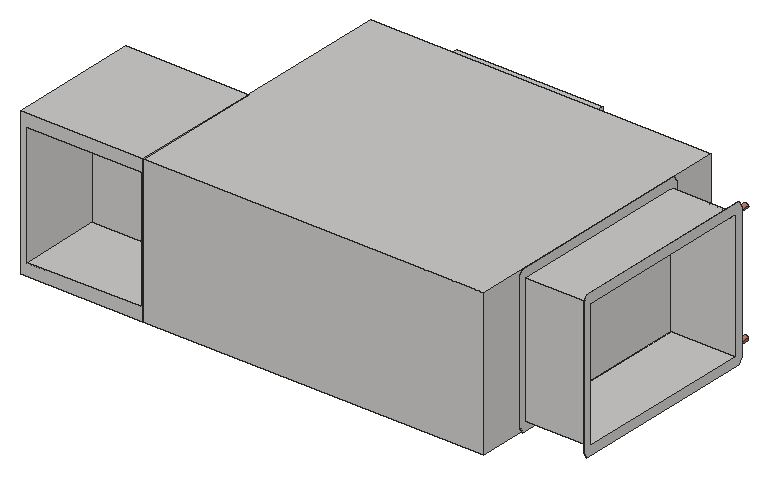
Revit family
Parameters
  Width = 3' - 3"
  Voltage = 120 V
  Unit Weight = if(Number of Rows = 1, "272.0 lbs", if(Number of Rows = 2, "277.0 lbs", "0"))  # "272.0 lbs"
  UltraLoc Liner = Choose Liner Option = 3  # no
  URL = "http://www.titus-hvac.com/"
  UL = "181"
  Supply Air Flow [instance] = 0 CFM
  SteriLoc Liner = Choose Liner Option = 2  # no
  Secondary Material = Copper Connectors
  Primary Air Pressure Drop [instance] = 0.00 in-wg
  Primary Air Flow [instance] = 0 CFM
  Pressure [instance] = 0.00 psi
  Plenum Air Pressure Drop [instance] = 0.00 in-wg
  Plenum Air Flow [instance] = 0 CFM
  Outlet Width = 2' - 1"
  Outlet Height = 1' - 5 1/2"
  Number of Rows = 1
  Number of Poles = 1
  Nominal Width = Width + 0' 6 1/4"  # 3' - 9 1/4"
  Nominal Length = Length + 1' 4 7/8" + 0' 9"  # 6' - 0 5/8"
  Nominal Inlet Size = 1' - 2"
  Nominal Height = 1' - 8"
  NFPA = "90A"
  Motor Full Load Amps [instance] = 8.5 A
  Model = "DTFS-F"
  Min. Air Flow = 0 CFM
  Max. Air Flow = 3000 CFM
  Material = Galvanized Steel
  Manufacturer = "Titus"
  Length = 3' - 10 3/4"
  Juction Box Offset = 0' - 6 7/8"
  Inlet Diameter = Nominal Inlet Size - 0' 0 1/8"  # 1' - 1 7/8"
  Induced Air Inlet Width = 1' - 4 7/8"
  Induced Air Inlet Offset = (Nominal Height - Induced Air Inlet Connection Height) / 2  # 0' - 1 11/16"
  Induced Air Inlet Height = 1' - 6 1/8"
  Induced Air Inlet Connection Width = 1' - 3 3/4"
  Induced Air Inlet Connection Height = 1' - 4 5/8"
  Induced Air Filter = no
  Heating Total Capacity [instance] = 0 Btu/h
  Heating Entering Water Temp = 0 °F
  Half Outlet Width = 1' - 0 1/2"
  Half Outlet Connection Width = Outlet Width / 2  # 1' - 0 1/2"
  Half Outlet Connection Height = Outlet Height / 2  # 0' - 8 3/4"
  Half Height Start = -(Nominal Height / 2)  # -0' - 10"
  Half Height End = Nominal Height / 2  # 0' - 10"
  HWC Option = HWC Section : D-E - 1 Row
  HWC Connector Radius = 5/16"
  HWC Connector Length = 0' - 3"
  HP-Motor = "1/3"
  Gallons Per Minute [instance] = 0 GPM
  Frequency = 60 Hz
  Flange Offset = 0' - 1 1/4"
  Filter Size = "18\"x17\""
  Fiber Free Liner = Choose Liner Option = 1  # no
  Fan Disconnect Switch = no
  Duct Radius = Nominal Inlet Size / 2  # 0' - 7"
  Description = "Ultra Quiet Series Fan Powered Terminal Unit, Direct Digital Control, Pressure Independent"
  Connector Vertical Offset = if(Number of Rows = 1, 1' 4 1/4", if(Number of Rows = 2, 1' 4 3/4", 0' 0"))  # 1' - 4 1/4"
  Connector Horizontal Offset = if(Number of Rows = 1, 0' 0", if(Number of Rows = 2, 0' 1", 0' 0"))  # 0' - 0"
  Connection Void Radius = Connection Radius - 0' 0 1/4"  # 0' - 6 11/16"
  Connection Radius = Inlet Diameter / 2  # 0' - 6 15/16"
  Choose Liner Option = 0
  CADworks URL = "www.CADworks.net"
  Assembly Code = "D3040100"
  Apparent Power [instance] = Voltage * Motor Full Load Amps  # 1020 VA
  Air Inlet Offset = 0' - 10"
  1/2" Fiberglass Liner = Choose Liner Option = 0  # yes
  1" Fiberglass Liner = Choose Liner Option = 4  # no
Reference planes (in)
  plane 1 "Center (Front/Back)": y = 0
  plane 2: z = 0
  plane 3 "Center (Left/Right)": x = 3
  plane 4: x = -20.375
  plane 5: x = 26.375
  plane 6: x = -13.5
  plane 7: x = -23.75
  plane 8 "Center (Elevation)": z = 0
  plane 9: y = -19.5
  plane 10: y = 19.5
  plane 11: y = 9.5
  plane 12: y = -8.25
  plane 13: z = 0.6875
  plane 14: z = -6.875
  plane 15: x = 35.375
  plane 16: x = 34.375
  plane 17: x = 34.375
  plane 18: y = 15.5
  plane 19: z = -8.125
  plane 20: z = 8.125
  plane 21: y = -12.5
  plane 22: y = 12.5
  plane 23: z = 10
  plane 24: z = -10
  plane 25: y = 25.75
  plane 26: x = -37.25
Forms (in)
  Extrusion 1, solid, material "Galvanized Steel" <- "Material"
    sketch origin (0, 0, 0) x (1, 0, 0) y (0, 1, 0)
      loop
        line (-20.375, 19.5) -> (-20.375, -19.5) -> (26.375, -19.5) -> (26.375, 19.5) -> (-20.375, 19.5)
    from -10 <- "Half Height Start" to 10 <- "Half Height End"
  Extrusion 2, solid, material "Galvanized Steel" <- "Material"
    sketch origin (0, 0, 0) x (1, 0, 0) y (0, 1, 0)
      loop
        line (-37.25, -1.375) -> (-37.25, -19.5) -> (-20.375, -19.5) -> (-20.375, -1.375) -> (-37.25, -1.375)
    from -10 <- "Half Height Start" to 10 <- "Half Height End"
  Extrusion 3, void, detail levels fine
    sketch origin (0, -19.5, 0) x (1, 0, 0) y (0, 0, -1)
      loop
        line (-20.625, 8.3125) -> (-36.375, 8.3125) -> (-36.375, -8.3125) -> (-20.625, -8.3125) -> (-20.625, 8.3125)
    from 0 to 11.25
  Extrusion 4, solid, material "Galvanized Steel" <- "Material"
    sketch origin (3.125, 0, 0) x (1, 0, 0) y (0, 1, 0)
      loop
        line (-16.625, 19.5) -> (3.375, 19.5) -> (3.375, 25.75) -> (-16.625, 25.75) -> (-16.625, 19.5)
    from -6 to 6
  Extrusion 5, solid, material "Galvanized Steel" <- "Material"
    sketch origin (-24.875, -3, 0) x (0, 0, -1) y (0, 1, 0)
      loop
        circle (0, 12.5) r 6.9375
    from 1.125 to 4.5
  Extrusion 6, void, detail levels fine
    sketch origin (-24.875, 0, 0) x (0, 1, 0) y (0, 0, 1)
      loop
        circle (9.5, 0) r 6.6875
    from 1.125 to 11.375
  Extrusion 7, void, detail levels fine
    sketch origin (35.375, -12.5, 8.75) x (0, 0, 1) y (0, -1, 0)
      loop
        line (-17.5, 0) -> (-17.5, -25) -> (0, -25) -> (0, 0) -> (-17.5, 0)
    from -0.0625 to 0
  Extrusion 8, solid, material "Copper Connectors" <- "Secondary Material", detail levels fine
    sketch origin (0, 0, 0) x (1, 0, 0) y (0, 0, 1)
      loop
        circle (34.375, 8.125) r 0.3125
    from -15.5 to -12.5625
  Extrusion 9, solid, material "Copper Connectors" <- "Secondary Material", detail levels fine
    sketch origin (0, 0, 0) x (1, 0, 0) y (0, 0, 1)
      loop
        circle (34.375, -8.125) r 0.3125
    from -15.5 to -12.5625
Cuts and joins
  Extrusion 3 cuts Extrusion 2
  Extrusion 6 cuts Extrusion 1
  Extrusion 6 cuts Extrusion 5
Dimensions and locks (in)
  "Length": plane 5 to plane 4
  equal spacing: plane 5, plane 3 "Center (Left/Right)", plane 4
  locked: Extrusion 4 to Extrusion 4 at 20
  "Juction Box Offset": plane 6 to plane 4
  locked: plane 4 to plane 7 at 3.375
  "Width": plane 9 to plane 10
  equal spacing: plane 9, plane 1 "Center (Front/Back)", plane 10
  locked: Extrusion 5 sketch curve to level at 0
  locked: Extrusion 5 sketch curve to plane 11 at 0
  locked: Extrusion 6 sketch curve to level at 0
  locked: Extrusion 6 sketch curve to plane 11 at 0
  locked: Extrusion 4 to Extrusion 4 at 6.25
  locked: Extrusion 4 to Extrusion 4 at 12
  equal spacing: Extrusion 4, plane 8 "Center (Elevation)", Extrusion 4
  locked: plane 12 to plane 9 at 11.25
  "Air Inlet Offset": plane 10 to plane 11
  "Induced Air Inlet Height": cut or joined group of Extrusion 2, Extrusion 3 to cut or joined group of Extrusion 2, Extrusion 3
  locked: cut or joined group of Extrusion 5, Extrusion 6 to cut or joined group of Extrusion 5, Extrusion 6 at 3.375
  locked: plane 12 to plane 12 at 0
  "Induced Air Inlet Connection Height": Extrusion 3 sketch curve to Extrusion 3 sketch curve
  "Induced Air Inlet Offset": Extrusion 3 sketch curve to cut or joined group of Extrusion 2, Extrusion 3
  "Induced Air Inlet Connection Width": Extrusion 3 sketch curve to Extrusion 3 sketch curve
  locked: Extrusion 3 sketch curve to cut or joined group of Extrusion 1, Extrusion 6 at 0.25
  "Connector Vertical Offset": plane 20 to plane 19
  equal spacing: plane 20, plane 8 "Center (Elevation)", plane 19
  locked: plane 15 to plane 5 at 9
  locked: plane 15 to plane 16 at 1
  "Connector Horizontal Offset": plane 16 to plane 17
  locked: Extrusion 8 sketch curve to plane 17 at 0
  locked: Extrusion 8 sketch curve to plane 20 at 0
  locked: Extrusion 9 sketch curve to plane 16 at 0
  locked: Extrusion 9 sketch curve to plane 19 at 0
  "HWC Connector Length": plane 18 to plane 22
  locked: cut or joined group of Extrusion 1, Extrusion 6 to Extrusion 7 at 9
  locked: cut or joined group of Extrusion 2, Extrusion 3 to cut or joined group of Extrusion 2, Extrusion 3 at 16.875
  locked: cut or joined group of Extrusion 2, Extrusion 3 to cut or joined group of Extrusion 2, Extrusion 3 at 20
  equal spacing: cut or joined group of Extrusion 2, Extrusion 3, plane 8 "Center (Elevation)", cut or joined group of Extrusion 2, Extrusion 3
  locked: cut or joined group of Extrusion 1, Extrusion 6 to cut or joined group of Extrusion 1, Extrusion 6 at 20
  equal spacing: cut or joined group of Extrusion 1, Extrusion 6, plane 8 "Center (Elevation)", cut or joined group of Extrusion 1, Extrusion 6
  locked: nested 1 to cut or joined group of Extrusion 1, Extrusion 6 at 1.1875
  locked: cut or joined group of Extrusion 1, Extrusion 6 to nested 1 at 1.1875
  "Connection Radius": radius of Extrusion 5 sketch curve
  "Connection Void Radius": radius of Extrusion 6 sketch curve
  "HWC Connector Radius": radius of Extrusion 8 sketch curve
  "HWC Connector Radius": radius of Extrusion 9 sketch curve
  aligned and locked: plane 10 to Extrusion 4
  aligned and locked: plane 6 to Extrusion 4
  aligned and locked: plane 7 to cut or joined group of Extrusion 5, Extrusion 6
  aligned and locked: plane 18 to Extrusion 8
  aligned and locked: plane 18 to Extrusion 9
  aligned and locked: plane 9 to cut or joined group of Extrusion 2, Extrusion 3  (x3)
  aligned and locked: plane 5 to nested 1
  aligned and locked: plane 15 to nested 1
  aligned and locked: plane 18 to nested 1  (x2)
  aligned and locked: plane 21 to nested 1
  aligned and locked: plane 22 to nested 1
  aligned and locked: plane 5 to cut or joined group of Extrusion 1, Extrusion 6
  aligned and locked: cut or joined group of Extrusion 1, Extrusion 6 to nested 1
  aligned and locked: cut or joined group of Extrusion 1, Extrusion 6 to plane 10
  aligned and locked: Extrusion 4 to cut or joined group of Extrusion 1, Extrusion 6  (x2)
  aligned and locked: cut or joined group of Extrusion 1, Extrusion 6 to plane 4
  aligned and locked: plane 9 to cut or joined group of Extrusion 1, Extrusion 6
  aligned and locked: cut or joined group of Extrusion 5, Extrusion 6 to cut or joined group of Extrusion 1, Extrusion 6
  aligned and locked: nested 1 to cut or joined group of Extrusion 1, Extrusion 6
  aligned and locked: plane 6 to Extrusion 6
  aligned and locked: Extrusion 6 to plane 7
  aligned and locked: Extrusion 3 to plane 12
  aligned and locked: plane 25 to Extrusion 4
  aligned and locked: plane 24 to cut or joined group of Extrusion 2, Extrusion 3
  aligned and locked: plane 23 to cut or joined group of Extrusion 2, Extrusion 3
  aligned and locked: plane 23 to cut or joined group of Extrusion 1, Extrusion 6
  aligned and locked: plane 24 to cut or joined group of Extrusion 1, Extrusion 6
Automatic sketch dimensions
  Extrusion 1 sketch curve to plane 4 = 0' - 0"
  Extrusion 1 sketch curve to plane 5 = 0' - 0"
  Extrusion 1 sketch curve to plane 9 = 0' - 0"
  Extrusion 1 sketch curve to plane 10 = 0' - 0"
  Extrusion 2 sketch curve to plane 4 = 0' - 0"
  Extrusion 2 sketch curve to plane 9 = 0' - 0"
  plane 1 "Center (Front/Back)" to Extrusion 2 sketch curve = 0' - 1 3/8"
  Extrusion 4 sketch curve to plane 6 = 0' - 0"
  Extrusion 4 sketch curve to plane 10 = 0' - 0"
  plane 3 "Center (Left/Right)" to Extrusion 4 sketch curve = 0' - 3 1/2"
  Extrusion 4 sketch curve to plane 10 = 0' - 6 1/4"
  Extrusion 2 sketch curve to plane 7 = 1' - 1 1/2"
  Extrusion 7 sketch curve to nested 1 = 0' - 0"  (x4)
Nested families (in)
  nested 1: "HWC Section" at (30.875, 0, 0) x (0, 1, 0) z (0, 0, 1), type <- "HWC Option", type "D-E - 1 Row"
Connectors (in)
  electrical at (-3.5, 25.75, 0), driven by "Apparent Power", driven by "Voltage", driven by "Number of Poles"
    settings: on Extrusion 4, index 8
  hvac at (-23.75, 9.5, 0), driven by "Duct Radius", driven by "Primary Air Pressure Drop", driven by "Primary Air Flow"
    settings: on cut or joined group of Extrusion 5, Extrusion 6, index 9
  hvac at (-28.5, -19.5, 0), driven by "Induced Air Inlet Connection Height", driven by "Induced Air Inlet Connection Width", driven by "Plenum Air Pressure Drop", driven by "Plenum Air Flow"
    settings: on cut or joined group of Extrusion 2, Extrusion 3, index 11
  hvac at (35.375, 0, 0), driven by "Outlet Height", driven by "Outlet Width", driven by "Supply Air Flow"
    settings: on Extrusion 7, index 12
  piping at (34.375, 15.5, 8.125), driven by "Gallons Per Minute", driven by "Pressure", driven by "HWC Connector Radius"
    settings: on Extrusion 8, index 13
  piping at (34.375, 15.5, -8.125), driven by "Gallons Per Minute", driven by "HWC Connector Radius", driven by "Pressure"
    settings: on Extrusion 9, index 14
Definition of nested family "HWC Section"
  Parameters (values of type "B-C - 1 Row")
    Visibility = yes
    Secondary Material = Copper Connectors
    Number of Rows = 1
    Material = Galvanized Steel
    Half Width = HWC Width / 2  # 0' - 10 1/4"
    Half Length-Start = -(HWC Length / 2)  # -0' - 4 1/2"
    Half Length-End = HWC Length / 2  # 0' - 4 1/2"
    HWC Connection Radius = 5/16"
    Flange Offset = 0' - 1"
    Duct Vertical Offset = HWC Height - 0' 0 1/2"  # 1' - 0"
    Duct Horizontal Offset = HWC Width - 0' 0 1/2"  # 1' - 8"
    Connector Vertical Offset = 0' - 11 3/4"
    HWC Width = 1' - 8 1/2"
    HWC Height = 1' - 0 1/2"
    HWC Length = 0' - 9"  # constant formula
    Gallons Per Minute = 0 GPM
    Connector Length = 0' - 3"
    Connector Horizontal Offset = 0' - 0"
  Types (5): name | Number of Rows | Half Width | Flange Offset | Duct Vertical Offset | Duct Horizontal Offset | Connector Vertical Offset | HWC Width | HWC Height | Connector Horizontal Offset
    (no name) | 1 | 0' - 10 1/4" | 0' - 1" | 1' - 0" | 1' - 8" | 0' - 11 3/4" | 1' - 8 1/2" | 1' - 0 1/2" | 0' - 0"
    B-C - 1 Row | 1 | 0' - 10 1/4" | 0' - 1" | 1' - 0" | 1' - 8" | 0' - 11 3/4" | 1' - 8 1/2" | 1' - 0 1/2" | 0' - 0"
    B-C - 2 Row | 2 | 0' - 10 1/4" | 0' - 1" | 1' - 0" | 1' - 8" | 0' - 11 3/4" | 1' - 8 1/2" | 1' - 0 1/2" | 0' - 1"
    D-E - 1 Row | 1 | 1' - 0 1/2" | 0' - 1 1/4" | 1' - 5" | 2' - 0 1/2" | 1' - 4 1/4" | 2' - 1" | 1' - 5 1/2" | 0' - 0"
    D-E - 2 Row | 2 | 1' - 0 1/2" | 0' - 1 1/4" | 1' - 5" | 2' - 0 1/2" | 1' - 4 3/4" | 2' - 1" | 1' - 5 1/2" | 0' - 1"
  Reference planes (in)
    plane 1 "Center (Front/Back)": y = 0
    plane 2: z = 0
    plane 3 "Center (Left/Right)": x = 0
    plane 4: x = -10.25
    plane 5: x = 10.25
    plane 6: y = 4.5
    plane 7: y = -4.5
    plane 8: z = 6.25
    plane 9: z = -6.25
    plane 10: z = 5.875
    plane 11: z = -5.875
    plane 12: y = 3.5
    plane 13: y = 3.5
    plane 14: x = 13.25
  Forms (in)
    Extrusion 1, solid, material "Galvanized Steel" <- "Material", visible <- "Visibility"
      sketch origin (0, 0, 0) x (1, 0, 0) y (0, 0, 1)
        loop
          line (-10.3125, 6.3125) -> (-10.3125, -6.3125) -> (10.3125, -6.3125) -> (10.3125, 6.3125) -> (-10.3125, 6.3125)
      from -4.375 <- "Half Length-Start" to 4.5 <- "Half Length-End"
    Extrusion 2, void, detail levels fine
      sketch origin (0, 0, 0) x (1, 0, 0) y (0, 0, 1)
        loop
          line (-10.25, -6.25) -> (10.25, -6.25) -> (10.25, 6.25) -> (-10.25, 6.25) -> (-10.25, -6.25)
      from -4.5 <- "Half Length-Start" to 4.5 <- "Half Length-End"
    Extrusion 3, solid, material "Copper Connectors" <- "Secondary Material", visible <- "Visibility"
      sketch origin (6, 2.625, 0) x (0, 1, 0) y (0, 0, 1)
        loop
          circle (0.875, -5.875) r 0.3125
      from 4.3125 to 7.25
    Extrusion 4, solid, material "Galvanized Steel" <- "Material", visible <- "Visibility"
      sketch origin (0, -4.375, 0) x (1, 0, 0) y (0, 0, 1)
        loop
          line (-10.25, 6.25) -> (-10.25, -6.25) -> (10.25, -6.25) -> (10.25, 6.25) -> (-10.25, 6.25)
        loop
          line (-11.25, 6.75) -> (-11.25, -6.75) -> (-10.75, -7.25) -> (10.75, -7.25) -> (11.25, -6.75) -> (11.25, 6.75) -> (10.75, 7.25) -> (-10.75, 7.25) -> (-11.25, 6.75)
      from 0 to 0.125
    Extrusion 5, solid, material "Copper Connectors" <- "Secondary Material", visible <- "Visibility"
      sketch origin (6, -0.5, 0) x (0, 1, 0) y (0, 0, 1)
        loop
          circle (4, 5.875) r 0.3125
      from 4.3125 to 7.25
    Extrusion 6, solid, material "Galvanized Steel" <- "Material", visible <- "Visibility"
      sketch origin (0, 4.375, 0) x (1, 0, 0) y (0, 0, -1)
        loop
          line (-10.25, -6.25) -> (10.25, -6.25) -> (10.25, 6.25) -> (-10.25, 6.25) -> (-10.25, -6.25)
        loop
          line (-11.25, -6.75) -> (-10.75, -7.25) -> (10.75, -7.25) -> (11.25, -6.75) -> (11.25, 6.75) -> (10.75, 7.25) -> (-10.75, 7.25) -> (-11.25, 6.75) -> (-11.25, -6.75)
      from 0 to 0.125
  Cuts and joins
    Extrusion 2 cuts Extrusion 1
    joined: Extrusion 1, Extrusion 4, Extrusion 6
  Dimensions and locks (in)
    "HWC Width": plane 4 to plane 5
    equal spacing: plane 4, plane 3 "Center (Left/Right)", plane 5
    "HWC Height": plane 8 to plane 9
    equal spacing: plane 8, plane 2, plane 9
    equal spacing: plane 10, plane 2, plane 11
    locked: plane 12 to plane 6 at 1
    "Connector Horizontal Offset": plane 13 to plane 12
    locked: plane 7 to Extrusion 4 at 0.125
    locked: Extrusion 6 to plane 6 at 0.125
    locked: plane 4 to Extrusion 1 sketch curve at 0.0625
    locked: Extrusion 4 to Extrusion 1 sketch curve at 0.0625
    locked: Extrusion 1 sketch curve to plane 8 at 0.0625
    locked: plane 9 to Extrusion 1 sketch curve at 0.0625
    "Connector Length": plane 5 to plane 14
    "HWC Length": plane 6 to plane 7
    equal spacing: plane 6, plane 1 "Center (Front/Back)", plane 7
    "Connector Vertical Offset": plane 10 to plane 11
    equal spacing: plane 10, level, plane 11
    "HWC Width": Extrusion 4 sketch curve to Extrusion 4 sketch curve
    equal spacing: Extrusion 4 sketch curve, plane 3 "Center (Left/Right)", Extrusion 4 sketch curve
    "HWC Height": Extrusion 4 sketch curve to Extrusion 4 sketch curve
    equal spacing: Extrusion 4 sketch curve, plane 2, Extrusion 4 sketch curve
    locked: cut or joined group of Extrusion 1, Extrusion 2, Extrusion 4, Extrusion 6 to plane 4 at 1  (x2)
    locked: cut or joined group of Extrusion 1, Extrusion 2, Extrusion 4, Extrusion 6 to plane 5 at 1  (x2)
    "HWC Width": Extrusion 6 sketch curve to Extrusion 6 sketch curve
    "HWC Height": Extrusion 6 sketch curve to Extrusion 6 sketch curve
    equal spacing: Extrusion 6 sketch curve, plane 3 "Center (Left/Right)", Extrusion 6 sketch curve
    equal spacing: Extrusion 6 sketch curve, plane 2, Extrusion 6 sketch curve
    "HWC Height": Extrusion 2 sketch curve to Extrusion 2 sketch curve
    "HWC Width": Extrusion 2 sketch curve to Extrusion 2 sketch curve
    equal spacing: Extrusion 2 sketch curve, plane 3 "Center (Left/Right)", Extrusion 2 sketch curve
    equal spacing: Extrusion 2 sketch curve, plane 2, Extrusion 2 sketch curve
    locked: plane 5 to Extrusion 3 at 0.0625
    locked: plane 5 to Extrusion 5 at 0.0625
    "Flange Offset": cut or joined group of Extrusion 1, Extrusion 2, Extrusion 4, Extrusion 6 to plane 8
    "Flange Offset": plane 9 to cut or joined group of Extrusion 1, Extrusion 2, Extrusion 4, Extrusion 6
    "Flange Offset": plane 8 to cut or joined group of Extrusion 1, Extrusion 2, Extrusion 4, Extrusion 6
    "Flange Offset": cut or joined group of Extrusion 1, Extrusion 2, Extrusion 4, Extrusion 6 to plane 9
    "HWC Connection Radius": radius of Extrusion 3 sketch curve
    "HWC Connection Radius": radius of Extrusion 5 sketch curve
    aligned and locked: plane 7 to Extrusion 4
    aligned and locked: plane 6 to Extrusion 6
    aligned and locked: plane 14 to Extrusion 5
    aligned and locked: plane 14 to Extrusion 3
    aligned and locked: Extrusion 6 to cut or joined group of Extrusion 1, Extrusion 2, Extrusion 4, Extrusion 6
    aligned and locked: Extrusion 4 to Extrusion 4
  Automatic sketch dimensions
    Extrusion 3 sketch curve to plane 11 = 0' - 0"
    Extrusion 3 sketch curve to plane 12 = 0' - 0"
    Extrusion 5 sketch curve to plane 10 = 0' - 0"
    Extrusion 5 sketch curve to plane 13 = 0' - 0"
    plane 4 to Extrusion 6 sketch curve = 0' - 1"
    plane 4 to Extrusion 6 sketch curve = 0' - 0 1/2"  (x2)
    Extrusion 6 sketch curve to plane 5 = 0' - 0 1/2"  (x2)
    Extrusion 6 sketch curve to Extrusion 6 sketch curve = 0' - 0 1/2"  (x3)
    plane 8 to Extrusion 6 sketch curve = 0' - 0 1/2"  (x2)
    Extrusion 6 sketch curve to plane 9 = 0' - 0 1/2"  (x2)
    plane 4 to Extrusion 4 sketch curve = 0' - 0 1/2"  (x2)
    Extrusion 4 sketch curve to Extrusion 4 sketch curve = 0' - 0 1/2"  (x4)
    Extrusion 4 sketch curve to plane 5 = 0' - 0 1/2"  (x2)
    Extrusion 4 sketch curve to plane 9 = 0' - 0 1/2"  (x2)
    plane 8 to Extrusion 4 sketch curve = 0' - 0 1/2"  (x2)
